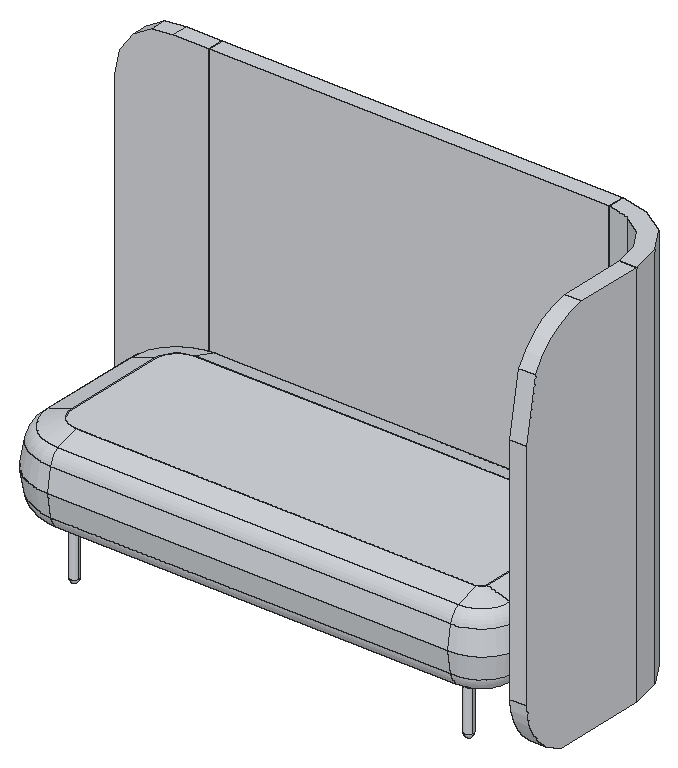
Revit family "Bernhardt-Design_Seating_ChapelleL_2 Seat_Right-Facing Full-Wall", category Furniture, Revit 2013
Parameters (values of type "2 Seat Right Facing Full")
  Model = "Chapelle"
  Mid Wall = 4' - 0"
  Length = 5' - 5 3/4"
  Description = "Seating"
  Width = 2' - 4 1/4"
  URL = "http://bernhardtdesign.com/"
  Product Page URL = "http://www.bernhardtdesign.com/products/chapelle/index.html"
  Product Name = "Chapelle"
  Product Documentation Link = "http://www.bernhardtdesign.com/pdf/pricelists/sofas/Chapelle_PL.pdf"
  Manufacturer = "Bernhardt "  # constant formula
  Level Certification = ""
  Height = 3' - 11 3/8"
  GreenGuard Certification = ""
  Bernhardt Fabric = none
Reference planes (in)
  plane 1 "Center (Front/Back)": y = 0
  plane 2 "Bottom": z = 0
  plane 3 "Center (Left/Right)": x = 0
  plane 4: x = -24
  plane 5: x = 24
  plane 6 "Total Height": z = 47.375
  plane 7 "Seat Height": z = 16.87819
  plane 8 "Base": z = 0.76323
  plane 9: y = -1.50846
  plane 10: y = -18.00846
  plane 11 "seat front edge": y = -20.50934
Forms (in)
  Extrusion 1, solid
    sketch origin (0, 0, 0) x (1, 0, 0) y (0, 1, 0)
      loop
        line (-24, 8.08149) -> (-24, 6.08149) -> (24, 6.08149) -> (24, 8.08149) -> (-24, 8.08149)
    from 0.76323 to 47.375
  Extrusion 2, solid
    sketch origin (0, 0, 0) x (1, 0, 0) y (0, 1, 0)
      loop
        line (24, 8.08149) -> (24, 6.03681) -> (26.64512, 5.47458) -> (29.13319, 3.8588) -> (30.74217, 1.38119) -> (31.35638, -1.50846) -> (33.40106, -1.50846) -> (32.62139, 2.15959) -> (30.579, 5.30461) -> (27.42352, 7.3538) -> (24, 8.08149)
    from 0.76323 to 47.375
  Extrusion 3, solid
    sketch origin (0, 0, 0) x (1, 0, 0) y (0, 1, 0)
      loop
        line (33.40106, -1.50846) -> (31.40106, -1.50846) -> (31.40106, -18.00846) -> (33.40106, -18.00846) -> (33.40106, -1.50846)
    from 0.76323 to 47.375
  Extrusion 4, void
    sketch origin (0, 0, 0) x (0, 1, 0) y (0, 0, 1)
      loop
        line (-9.75846, 47.375) -> (-9.75846, 53.875) -> (-24.50846, 53.875) -> (-18.00846, 29.97832)
        arc (-18.00846, 29.97832) -> (-17.92454, 36.30552) -> (-16.7009, 42.51385) r 34.94218
        arc (-16.7009, 42.51385) -> (-13.79438, 45.75091) -> (-9.75846, 47.375) r 9.61187
      loop
        line (-18.00846, 7.50157) -> (-23.08796, -4.465) -> (-12.78184, 0.76323)
        arc (-12.78184, 0.76323) -> (-16.52625, 3.25506) -> (-18.00846, 7.50157) r 7.06609
    from 0 to 71.47273
  Extrusion 5, solid
    sketch origin (0, 0, 0) x (1, 0, 0) y (0, 0, 1)
      loop
        line (-24, 47.375) -> (-28.25, 47.375) -> (-30.87847, 47.14504) -> (-32.97515, 45.78344) -> (-34.62452, 43.51328) -> (-35.29937, 40.59017) -> (-35.29937, 8.09017) -> (-34.72047, 5.36666) -> (-33.18269, 3.08681) -> (-30.69558, 1.40923) -> (-28.25504, 0.76323) -> (-24, 0.76323) -> (-24, 47.375)
    from -6.08149 to -8.08149
Cuts and joins
  Extrusion 4 cuts Extrusion 3
Lines and regions (in)
  symbolic lines
    curve 1: line (-35.29937, 8.08149, 0) -> (-35.29937, 6.08149, 0)
    curve 2: line (-35.29937, 6.08149, 0) -> (-24, 6.08149, 0)
    curve 3: line (-24, 8.08149, 0) -> (-35.29937, 8.08149, 0)
    curve 4: line (24, 8.08149, 0) -> (-24, 8.08149, 0)
    curve 5: line (-24, 6.08149, 0) -> (23.78979, 6.08149, 0)
    curve 6: line (27.42352, 7.3538, 0) -> (24, 8.08149, 0)
    curve 7: line (23.78979, 6.08149, 0) -> (26.64512, 5.47458, 0)
    curve 8: line (30.579, 5.30461, 0) -> (27.42352, 7.3538, 0)
    curve 9: line (26.64512, 5.47458, 0) -> (29.13319, 3.8588, 0)
    curve 10: line (32.62139, 2.15959, 0) -> (30.579, 5.30461, 0)
    curve 11: line (29.13319, 3.8588, 0) -> (30.74217, 1.38119, 0)
    curve 12: line (33.40106, -1.50846, 0) -> (32.62139, 2.15959, 0)
    curve 13: line (30.74217, 1.38119, 0) -> (31.40106, -1.71867, 0)
    curve 14: line (31.40106, -1.71867, 0) -> (31.40106, -18.00846, 0)
    curve 15: line (33.40106, -18.00846, 0) -> (33.40106, -1.50846, 0)
    curve 16: line (31.40106, -18.00846, 0) -> (33.40106, -18.00846, 0)
    curve 17: arc (25.89257, -20.42694, 0) -> (29.4281, -18.96247, 0) -> (30.89257, -15.42694, 0) r 5
    curve 18: arc (-29.10743, -13.42694, 0) -> (-27.05718, -18.37669, 0) -> (-22.10743, -20.42694, 0) r 7
    curve 19: arc (-22.10743, 5.97609, 0) -> (-27.05718, 3.92584, 0) -> (-29.10743, -1.02391, 0) r 7
    curve 20: line (-29.10743, -1.02391, 0) -> (-29.10743, -13.42694, 0)
    curve 21: line (-22.10743, -20.42694, 0) -> (25.89257, -20.42694, 0)
Dimensions and locks (in)
  "Mid Wall": plane 4 to plane 5
  equal spacing: plane 4, plane 3 "Center (Left/Right)", plane 5
  "Height": plane 6 "Total Height" to level
  Extrusion 3 to plane 1 "Center (Front/Back)" = 0' - 1.50846"
  locked: nested 1 to plane 3 "Center (Left/Right)" at 29.10743
  aligned and locked: plane 2 "Bottom" to level
  aligned and locked: Extrusion 1 sketch curve to plane 4
  aligned and locked: Extrusion 1 sketch curve to plane 5
  aligned and locked: Extrusion 1 to plane 8 "Base"
  aligned and locked: plane 6 "Total Height" to Extrusion 1
  aligned and locked: plane 6 "Total Height" to Extrusion 2
  aligned and locked: Extrusion 2 to plane 8 "Base"
  aligned and locked: Extrusion 1 to Extrusion 3
  aligned and locked: Extrusion 3 to plane 8 "Base"
  aligned and locked: plane 6 "Total Height" to Extrusion 3
  aligned and locked: Extrusion 2 to Extrusion 1  (x2)
  aligned and locked: Extrusion 3 to Extrusion 2
  aligned and locked: Extrusion 1 to Extrusion 5  (x2)
Automatic sketch dimensions
  Extrusion 1 sketch curve to plane 1 "Center (Front/Back)" = 0' - 6.08149"
  Extrusion 1 sketch curve to Extrusion 1 sketch curve = 0' - 2"
  Extrusion 2 sketch curve to plane 5 = 0' - 0"
  Extrusion 2 sketch curve to plane 1 "Center (Front/Back)" = 0' - 1.38119"
  plane 5 to Extrusion 2 sketch curve = 0' - 2.64512"
  Extrusion 2 sketch curve to Extrusion 2 sketch curve = 0' - 0.7784"
  Extrusion 2 sketch curve to Extrusion 2 sketch curve = 0' - 2.48808"
  Extrusion 2 sketch curve to Extrusion 2 sketch curve = 0' - 1.44581"  (x2)
  Extrusion 2 sketch curve to Extrusion 2 sketch curve = 0' - 1.60898"
  Extrusion 2 sketch curve to plane 1 "Center (Front/Back)" = 0' - 2.15959"
  Extrusion 2 sketch curve to Extrusion 2 sketch curve = 0' - 1.87923"  (x2)
  Extrusion 2 sketch curve to Extrusion 2 sketch curve = 0' - 0.61421"
  Extrusion 2 sketch curve to Extrusion 2 sketch curve = 0' - 2.04468"  (x2)
  plane 1 "Center (Front/Back)" to Extrusion 2 sketch curve = 0' - 1.50846"
  Extrusion 2 sketch curve to Extrusion 2 sketch curve = 0' - 2.47761"
  Extrusion 2 sketch curve to Extrusion 2 sketch curve = 0' - 1.61577"
  Extrusion 2 sketch curve to Extrusion 2 sketch curve = 0' - 0.72769"
  plane 5 to Extrusion 3 sketch curve = 0' - 7.40106"
  plane 1 "Center (Front/Back)" to Extrusion 3 sketch curve = 1' - 6.00846"
  Extrusion 3 sketch curve to Extrusion 3 sketch curve = 0' - 2"
  plane 1 "Center (Front/Back)" to Extrusion 3 sketch curve = 0' - 1.50846"
  Extrusion 4 sketch curve to plane 8 "Base" = 0' - 0"
  Extrusion 4 sketch curve to plane 6 "Total Height" = 0' - 0"
  plane 6 "Total Height" to Extrusion 4 sketch curve = 0' - 6 1/2"
  plane 1 "Center (Front/Back)" to Extrusion 4 sketch curve = 2' - 0.50846"
  Extrusion 4 sketch curve to level = 0' - 4.465"
  plane 1 "Center (Front/Back)" to Extrusion 4 sketch curve = 1' - 11.08796"
  plane 7 "Seat Height" to Extrusion 4 sketch curve = 1' - 1.10012"
  plane 1 "Center (Front/Back)" to Extrusion 4 sketch curve = 1' - 6.00846"
  plane 8 "Base" to Extrusion 4 sketch curve = 0' - 6.73834"
  Extrusion 4 sketch curve to Extrusion 4 sketch curve = 0' - 5.0795"
  Extrusion 4 sketch curve to Extrusion 4 sketch curve = 0' - 5.22662"
  plane 1 "Center (Front/Back)" to Extrusion 4 sketch curve = 0' - 9.75846"
  Extrusion 4 sketch curve to plane 6 "Total Height" = 0' - 4.86115"
  Extrusion 4 sketch curve to Extrusion 4 sketch curve = 0' - 6.94244"
  plane 8 "Base" to Extrusion 4 sketch curve = 0' - 6.8226"
  plane 1 "Center (Front/Back)" to Extrusion 4 sketch curve = 0' - 8 9/32"
  Extrusion 4 sketch curve to plane 6 "Total Height" = 1' - 2.69456"
  plane 4 to Extrusion 5 sketch curve = 0' - 11.29937"
  plane 8 "Base" to Extrusion 5 sketch curve = 0' - 0.646"
  plane 4 to Extrusion 5 sketch curve = 0' - 0"
  Extrusion 5 sketch curve to plane 8 "Base" = 0' - 0"
  Extrusion 5 sketch curve to plane 6 "Total Height" = 0' - 0"
  plane 8 "Base" to Extrusion 5 sketch curve = 0' - 4.60343"
  Extrusion 5 sketch curve to Extrusion 5 sketch curve = 0' - 0.5789"
  Extrusion 5 sketch curve to plane 6 "Total Height" = 0' - 3.86172"
  Extrusion 5 sketch curve to Extrusion 5 sketch curve = 0' - 0.67485"
  plane 8 "Base" to Extrusion 5 sketch curve = 0' - 2.32358"
  Extrusion 5 sketch curve to Extrusion 5 sketch curve = 0' - 1.53778"
  Extrusion 5 sketch curve to plane 6 "Total Height" = 0' - 1.59156"
  Extrusion 5 sketch curve to Extrusion 5 sketch curve = 0' - 1.64937"
  Extrusion 5 sketch curve to plane 6 "Total Height" = 0' - 0.22996"
  Extrusion 5 sketch curve to Extrusion 5 sketch curve = 0' - 2.09668"
  Extrusion 5 sketch curve to Extrusion 5 sketch curve = 0' - 2.48711"
  Extrusion 5 sketch curve to Extrusion 5 sketch curve = 0' - 2.44054"
  Extrusion 5 sketch curve to Extrusion 5 sketch curve = 0' - 2.62847"
  Extrusion 5 sketch curve to Extrusion 5 sketch curve = 0' - 2.72351"
  Extrusion 5 sketch curve to Extrusion 5 sketch curve = 0' - 2.92311"
  curve 4 to plane 4 = 0' - 0"
  curve 5 to plane 4 = 0' - 0"
  curve 4 to plane 5 = 0' - 0"
  plane 10 to curve 16 = 0' - 0"
  plane 9 to curve 15 = 0' - 0"
  curve 20 to plane 10 = 0' - 4.58152"
  plane 4 to curve 20 = 0' - 5.10743"
  curve 1 to curve 19 = 0' - 6.19194"
  curve 5 to plane 5 = 0' - 0.21021"
  plane 5 to curve 9 = 0' - 2.64512"
  curve 7 to curve 8 = 0' - 0.7784"
  curve 7 to curve 11 = 0' - 2.48808"
  curve 9 to curve 8 = 0' - 1.44581"
  curve 13 to plane 1 "Center (Front/Back)" = 0' - 1.38119"
  curve 9 to curve 13 = 0' - 1.60898"
  plane 9 to curve 13 = 0' - 0.21021"
  curve 11 to curve 13 = 0' - 0.6589"
  curve 12 to plane 1 "Center (Front/Back)" = 0' - 2.15959"
  curve 11 to curve 12 = 0' - 1.87923"
  curve 14 to curve 16 = 0' - 2"
  plane 11 "seat front edge" to curve 18 = 0' - 0.0824"
  curve 19 to plane 9 = 0' - 0.48455"
  curve 19 to plane 4 = 0' - 1.89257"
  plane 5 to curve 17 = 0' - 1.89257"
  curve 17 to curve 14 = 0' - 0.5085"
  curve 11 to curve 11 = 0' - 2.47761"
  curve 9 to curve 10 = 0' - 1.44581"
  curve 9 to curve 9 = 0' - 1.61577"
  curve 2 to plane 1 "Center (Front/Back)" = 0' - 6.08149"
  curve 7 to curve 8 = 0' - 1.87923"
  curve 2 to curve 3 = 0' - 2"
Nested families (in)
  nested 1: "Bernhardt-Design_Seating_ChapelleL_2-Seat_Bench" at (0.48449, 11.19484, 0), type "2 seater bench"
Definition of nested family "Bernhardt-Design_Seating_ChapelleL_2-Seat_Bench"
  Parameters (values of type "2 seater bench")
    Width = 2' - 2 1/2"
    Model = "Chapelle 2 Seat Bench"
    Manufacturer = "Bernhardt"
    Length = 5' - 0"
    Height = 1' - 6"
    Description = "Seating"
    Bernhardt Fabrics = Fabric-Bernhardt-White
  Reference planes (in)
    plane 1: z = 0
    plane 2: z = 47.125
    plane 3: y = -5.21875
    plane 4: x = 30.40807
    plane 5 "mid seat": z = 11.85004
    plane 6 "op seat": z = 16.98912
    plane 7: x = -23.22633
    plane 8: x = 24.04248
    plane 9: x = 0.40807
    plane 10 "front edge of bench": y = -31.62178
    plane 11 "Bench center": y = -18.53536
    plane 12 "le plane": y = -26.79581
    plane 13: x = -29.59193
  Forms (in)
    Revolve 1, solid
      sketch origin (0, -26.79581, 0) x (0, 0, -1) y (1, 0, 0)
        loop
          line (-6.88986, -23.22633) -> (0, -23.22633)
          arc (0, -23.22633) -> (-0.20612, -22.84815) -> (-0.60963, -22.69754) r 0.6158
          line (-0.60963, -22.69754) -> (-5.60963, -22.69754)
          arc (-5.60963, -22.69754) -> (-6.34307, -22.4291) -> (-6.71097, -21.74015) r 1.0948
          line (-6.71097, -21.74015) -> (-6.83424, -21.74015) -> (-6.88986, -21.94772) -> (-6.88986, -23.22633)
        axis (-6.88986, -23.22633) -> (0, -23.22633)
      angle from 0 to 360
    Revolve 2, solid
      sketch origin (0, -10.2749, 0) x (0, 0, -1) y (-1, 0, 0)
        loop
          line (-6.88986, 23.22633) -> (-6.88986, 21.94772) -> (-6.83424, 21.74015) -> (-6.71097, 21.74015)
          arc (-6.71097, 21.74015) -> (-6.34307, 22.4291) -> (-5.60963, 22.69754) r 1.0948
          line (-5.60963, 22.69754) -> (-0.60963, 22.69754)
          arc (-0.60963, 22.69754) -> (-0.20612, 22.84815) -> (0, 23.22633) r 0.6158
          line (0, 23.22633) -> (-6.88986, 23.22633)
        axis (-6.88986, 23.22633) -> (0, 23.22633)
      angle from 0 to 360
    Revolve 3, solid
      sketch origin (-3.18385, -26.79581, 0) x (0, 0, -1) y (-1, 0, 0)
        loop
          line (-6.88986, -27.22633) -> (0, -27.22633)
          arc (0, -27.22633) -> (-0.20612, -26.84815) -> (-0.60963, -26.69754) r 0.6158
          line (-0.60963, -26.69754) -> (-5.60963, -26.69754)
          arc (-5.60963, -26.69754) -> (-6.34307, -26.4291) -> (-6.71097, -25.74015) r 1.0948
          line (-6.71097, -25.74015) -> (-6.83424, -25.74015) -> (-6.88986, -25.94772) -> (-6.88986, -27.22633)
        axis (-6.88986, -27.22633) -> (0, -27.22633)
      angle from 0 to 360
    Revolve 4, solid
      sketch origin (-3.18385, -10.2749, 0) x (0, 0, -1) y (-1, 0, 0)
        loop
          line (-6.88986, -27.22633) -> (0, -27.22633)
          arc (0, -27.22633) -> (-0.20612, -26.84815) -> (-0.60963, -26.69754) r 0.6158
          line (-0.60963, -26.69754) -> (-5.60963, -26.69754)
          arc (-5.60963, -26.69754) -> (-6.34307, -26.4291) -> (-6.71097, -25.74015) r 1.0948
          line (-6.71097, -25.74015) -> (-6.83424, -25.74015) -> (-6.88986, -25.94772) -> (-6.88986, -27.22633)
        axis (-6.88986, -27.22633) -> (0, -27.22633)
      angle from 0 to 360
    Sweep 5, solid
      path origin (0, 0, 6.71097) x (0, 1, 0) y (-1, 0, 0)
        loop
          arc (-5.21875, 22.59193) -> (-7.269, 27.54167) -> (-12.21875, 29.59193) r 7
          line (-12.21875, 29.59193) -> (-24.62178, 29.59193)
          arc (-24.62178, 29.59193) -> (-29.57153, 27.54167) -> (-31.62178, 22.59193) r 7
          line (-31.62178, 22.59193) -> (-31.62178, -25.40807)
          arc (-31.62178, -25.40807) -> (-30.15732, -28.94361) -> (-26.62178, -30.40807) r 5
          line (-26.62178, -30.40807) -> (-12.21875, -30.40807)
          arc (-12.21875, -30.40807) -> (-7.269, -28.35782) -> (-5.21875, -23.40807) r 7
          line (-5.21875, -23.40807) -> (-5.21875, 22.59193)
      profile origin (0.40807, -5.21875, 6.71097) x (0, 1, 0) y (0, 0, 1)
        loop
          line (0, 5.13907) -> (-4.32844, 5.13907) -> (-4.32844, 0) -> (-1.55892, 0.88647)
          arc (-1.55892, 0.88647) -> (-0.84704, 1.53879) -> (-0.47753, 2.43085) r 2.23055
          line (-0.47753, 2.43085) -> (0, 5.13907)
    Sweep 6, solid
      path origin (0, 0, 16.98912) x (-1, 0, 0) y (0, -1, 0)
        loop
          arc (22.59193, 5.21875) -> (27.54167, 7.269) -> (29.59193, 12.21875) r 7
          line (29.59193, 12.21875) -> (29.59193, 24.62178)
          arc (29.59193, 24.62178) -> (27.54167, 29.57153) -> (22.59193, 31.62178) r 7
          line (22.59193, 31.62178) -> (-25.40807, 31.62178)
          arc (-25.40807, 31.62178) -> (-28.94361, 30.15732) -> (-30.40807, 26.62178) r 5
          line (-30.40807, 26.62178) -> (-30.40807, 12.21875)
          arc (-30.40807, 12.21875) -> (-28.35782, 7.269) -> (-23.40807, 5.21875) r 7
          line (-23.40807, 5.21875) -> (22.59193, 5.21875)
      profile origin (0.40807, -5.21875, 16.98912) x (0, 1, 0) y (0, 0, 1)
        loop
          line (0, -5.13907) -> (-0.47753, -2.43085)
          arc (-0.47753, -2.43085) -> (-0.84704, -1.53879) -> (-1.55892, -0.88647) r 2.23055
          line (-1.55892, -0.88647) -> (-4.32844, 0) -> (-4.32844, -5.13907) -> (0, -5.13907)
    Extrusion 7, solid
      sketch origin (0, 0, 16.98912) x (-1, 0, 0) y (0, -1, 0)
        loop
          arc (22.59193, 9.54719) -> (24.481, 10.32967) -> (25.26348, 12.21875) r 2.67156
          line (25.26348, 12.21875) -> (25.26348, 24.62178)
          arc (25.26348, 24.62178) -> (24.481, 26.51086) -> (22.59193, 27.29334) r 2.67156
          line (22.59193, 27.29334) -> (-25.40807, 27.29334)
          arc (-25.40807, 27.29334) -> (-25.88294, 27.09664) -> (-26.07963, 26.62178) r 0.67156
          line (-26.07963, 26.62178) -> (-26.07963, 12.21875)
          arc (-26.07963, 12.21875) -> (-25.29715, 10.32967) -> (-23.40807, 9.54719) r 2.67156
          line (-23.40807, 9.54719) -> (22.59193, 9.54719)
      from 0 to -5.13907
  Lines and regions (in)
    symbolic lines
      curve 1: line (23.40807, -5.21875, 16.98912) -> (-22.59193, -5.21875, 16.98912)
      curve 2: arc (-22.59193, -5.21875, 16.98912) -> (-27.54167, -7.269, 16.98912) -> (-29.59193, -12.21875, 16.98912) r 7
      curve 3: line (-29.59193, -12.21875, 16.98912) -> (-29.59193, -24.62178, 16.98912)
      curve 4: arc (-29.59193, -24.62178, 16.98912) -> (-27.54167, -29.57153, 16.98912) -> (-22.59193, -31.62178, 16.98912) r 7
      curve 5: line (-22.59193, -31.62178, 16.98912) -> (25.40807, -31.62178, 16.98912)
      curve 6: arc (25.40807, -31.62178, 16.98912) -> (28.94361, -30.15732, 16.98912) -> (30.40807, -26.62178, 16.98912) r 5
      curve 7: line (30.40807, -26.62178, 16.98912) -> (30.40807, -12.21875, 16.98912)
      curve 8: arc (30.40807, -12.21875, 16.98912) -> (28.35782, -7.269, 16.98912) -> (23.40807, -5.21875, 16.98912) r 7
      curve 9: line (23.40807, -5.21875, 16.98912) -> (-22.59193, -5.21875, 16.98912)
  Dimensions and locks (in)
    locked: plane 2 to level at 47.125
    plane 7 to plane 8 = 3' - 11.2688"
    equal spacing: plane 7, plane 9, plane 8
    "Length": plane 13 to plane 4
    equal spacing: plane 13, plane 9, plane 4
    aligned and locked: level to plane 1
    aligned and locked: Revolve 1 sketch curve to plane 7
    aligned and locked: Revolve 1 sketch curve to Revolve 1 sketch curve
    aligned and locked: Revolve 2 sketch curve to Revolve 2 sketch curve
    aligned and locked: Revolve 3 sketch curve to Revolve 3 sketch curve
    aligned and locked: Revolve 4 sketch curve to Revolve 4 sketch curve
    aligned and locked: Extrusion 7 to plane 5 "mid seat"
    aligned and locked: plane 6 "op seat" to Extrusion 7
  Automatic sketch dimensions
    Revolve 1 sketch curve to level = 0' - 0"  (x2)
    plane 7 to Revolve 1 sketch curve = 0' - 0.52879"
    level to Revolve 1 sketch curve = 0' - 0.60963"
    Revolve 1 sketch curve to Revolve 1 sketch curve = 0' - 5"
    Revolve 1 sketch curve to Revolve 1 sketch curve = 0' - 1.10134"
    plane 7 to Revolve 1 sketch curve = 0' - 1.48617"
    Revolve 1 sketch curve to Revolve 1 sketch curve = 0' - 0.12327"
    Revolve 1 sketch curve to Revolve 1 sketch curve = 0' - 1.28023"
    Revolve 1 sketch curve to Revolve 1 sketch curve = 0' - 0"
    Revolve 1 sketch curve to Revolve 1 sketch curve = 0' - 0.01519"
    Revolve 1 sketch curve to Revolve 1 sketch curve = 0' - 0.20756"
    Revolve 2 sketch curve to plane 7 = 0' - 0"
    Revolve 2 sketch curve to level = 0' - 0"  (x2)
    plane 7 to Revolve 2 sketch curve = 0' - 1.48617"
    level to Revolve 2 sketch curve = 0' - 0.60963"
    plane 7 to Revolve 2 sketch curve = 0' - 0.52879"
    Revolve 2 sketch curve to Revolve 2 sketch curve = 0' - 5"
    Revolve 2 sketch curve to Revolve 2 sketch curve = 0' - 1.10134"
    Revolve 2 sketch curve to Revolve 2 sketch curve = 0' - 0.12327"
    Revolve 2 sketch curve to Revolve 2 sketch curve = 0' - 1.28023"
    Revolve 2 sketch curve to Revolve 2 sketch curve = 0' - 0"
    Revolve 2 sketch curve to Revolve 2 sketch curve = 0' - 1.08616"
    Revolve 2 sketch curve to Revolve 2 sketch curve = 0' - 0.20756"
    plane 8 to Revolve 3 sketch curve = 0' - 0"
    Revolve 3 sketch curve to level = 0' - 0"  (x2)
    Revolve 3 sketch curve to plane 8 = 0' - 0.52879"
    Revolve 3 sketch curve to level = 0' - 0.60963"
    Revolve 3 sketch curve to Revolve 3 sketch curve = 0' - 5"
    Revolve 3 sketch curve to Revolve 3 sketch curve = 0' - 1.10134"
    Revolve 3 sketch curve to plane 8 = 0' - 1.48617"
    Revolve 3 sketch curve to Revolve 3 sketch curve = 0' - 0.12327"
    Revolve 3 sketch curve to Revolve 3 sketch curve = 0' - 1.28023"
    Revolve 3 sketch curve to Revolve 3 sketch curve = 0' - 0"
    Revolve 3 sketch curve to Revolve 3 sketch curve = 0' - 0.01519"
    Revolve 3 sketch curve to Revolve 3 sketch curve = 0' - 0.20756"
    plane 8 to Revolve 4 sketch curve = 0' - 0"
    Revolve 4 sketch curve to level = 0' - 0"  (x2)
    plane 8 to Revolve 4 sketch curve = 0' - 0.52879"
    level to Revolve 4 sketch curve = 0' - 0.60963"
    Revolve 4 sketch curve to Revolve 4 sketch curve = 0' - 5"
    Revolve 4 sketch curve to Revolve 4 sketch curve = 0' - 1.10134"
    plane 8 to Revolve 4 sketch curve = 0' - 1.48617"
    Revolve 4 sketch curve to Revolve 4 sketch curve = 0' - 0.12327"
    Revolve 4 sketch curve to Revolve 4 sketch curve = 0' - 1.28023"
    Revolve 4 sketch curve to Revolve 4 sketch curve = 0' - 0"
    Revolve 4 sketch curve to Revolve 4 sketch curve = 0' - 1.08616"
    Revolve 4 sketch curve to Revolve 4 sketch curve = 0' - 0.20756"
    Sweep 5 sketch curve to plane 10 "front edge of bench" = 0' - 0"
    Sweep 5 sketch curve to plane 4 = 0' - 0"
    Sweep 5 sketch curve to plane 13 = 0' - 0"
    plane 3 to Sweep 5 sketch curve = 0' - 0"
    Sweep 5 sketch curve to plane 8 = 0' - 1.3656"
    Sweep 5 sketch curve to plane 12 "le plane" = 0' - 2.17403"
    plane 11 "Bench center" to Sweep 5 sketch curve = 0' - 6.31661"  (x2)
    Sweep 5 sketch curve to profile plane = 0' - 0"  (x2)
    profile plane to Sweep 5 sketch curve = 0' - 0.88647"
    profile plane to Sweep 5 sketch curve = 0' - 0.47753"
    profile plane to Sweep 5 sketch curve = 0' - 1.55892"
    Sweep 5 sketch curve to Sweep 5 sketch curve = 0' - 2 197/256"
    Sweep 5 sketch curve to Sweep 5 sketch curve = 0' - 2.19666"
    Sweep 5 sketch curve to Sweep 5 sketch curve = 0' - 1.54438"
    Sweep 5 sketch curve to Sweep 5 sketch curve = 0' - 2.70822"
    Sweep 6 sketch curve to plane 4 = 0' - 0"
    Sweep 6 sketch curve to plane 10 "front edge of bench" = 0' - 0"
    plane 3 to Sweep 6 sketch curve = 0' - 0"
    Sweep 6 sketch curve to plane 13 = 0' - 0"
    plane 11 "Bench center" to Sweep 6 sketch curve = 0' - 6.31661"
    Sweep 6 sketch curve to plane 8 = 0' - 1.3656"
    plane 7 to Sweep 6 sketch curve = 0' - 0.6344"  (x2)
    Sweep 6 sketch curve to profile plane = 0' - 0"  (x2)
    Sweep 6 sketch curve to profile plane = 0' - 5.13907"
    profile plane to Sweep 6 sketch curve = 0' - 0.47753"
    profile plane to Sweep 6 sketch curve = 0' - 1.55892"
    Sweep 6 sketch curve to Sweep 6 sketch curve = 0' - 2 197/256"
    Sweep 6 sketch curve to Sweep 6 sketch curve = 0' - 1.11527"
    Sweep 6 sketch curve to profile plane = 0' - 2.43085"
    Sweep 6 sketch curve to profile plane = 0' - 0.88647"
    plane 7 to Extrusion 7 sketch curve = 0' - 0.6344"  (x2)
    plane 3 to Extrusion 7 sketch curve = 0' - 4.32844"
    plane 8 to Extrusion 7 sketch curve = 0' - 0.6344"
    Extrusion 7 sketch curve to plane 7 = 0' - 2.03716"
    Extrusion 7 sketch curve to plane 12 "le plane" = 0' - 2.17403"
    Extrusion 7 sketch curve to plane 8 = 0' - 1.3656"
    Extrusion 7 sketch curve to plane 12 "le plane" = 0' - 0.17403"
    plane 3 to curve 1 = 0' - 0"
    plane 7 to curve 1 = 0' - 0.6344"
    curve 2 to plane 13 = 0' - 0"
    plane 8 to curve 1 = 0' - 0.6344"
    curve 3 to plane 12 "le plane" = 0' - 2.17403"
    curve 4 to plane 10 "front edge of bench" = 0' - 0"
    curve 5 to plane 8 = 0' - 1.3656"
    curve 6 to plane 4 = 0' - 0"
